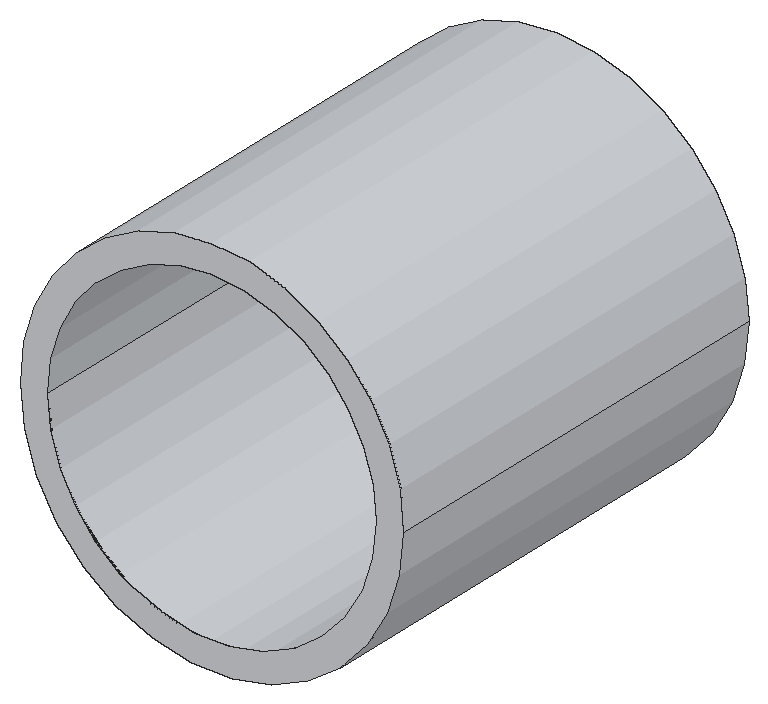
Revit family "NS2", category Generic Models, Revit 2017
Family settings
  Can host rebar = No
  Round Connector Dimension = Use Diameter
  Part Type = Normal
  Work Plane-Based = Yes
  Always vertical = No
  Cut with Voids When Loaded = No
  Shared = No
  Room Calculation Point = No
Parameters (values of type "NBS Standard Parameters")
  Weight = "0.0237Kg"
  WarrantyStartDate [instance] = "1900-12-31T23:59:59"
  WarrantyGuarantorParts = "n/a"
  WarrantyGuarantorLabor = "n/a"
  WarrantyDurationUnit = "year"
  WarrantyDurationParts = "n/a"
  WarrantyDurationLabor = "n/a"
  WarrantyDescription = "n/a"
  Version = "1"
  Uniclass2 = "Pr_65_70_11_20"
  TagNumber [instance] = "n/a"
  SustainabilityPerformance = "n/a"
  Size = "25mm"
  Shape = "Circular"
  SerialNumber [instance] = "n/a"
  Revision = "n/a"
  ReplacementCost = "n/a"
  ProductInformation = "www.metpro.co.uk/pdf/ns2.pdf"
  NominalWidth = 25 mm
  NominalLength = 25 mm
  NominalHeight = 28 mm
  Name = ""
  NBSTypeID = ""
  NBSReference = "90-55-10/460"
  NBSOfficeMasterTag = ""
  NBSNote = ""
  NBSDescription = "Conduit Fittings"
  NBSCertification = ""
  ModelReference = "NS2"
  ModelNumber = "n/a"
  Material = "Steel"
  ManufacturerURL = "www.metpro.co.uk"
  ManufacturerName = "Metpro Ltd"
  Keynote = "Compliant to LU Standard 1-085"
  InstallationDate [instance] = "1900-12-31T23:59:59"
  IfcExportType = ""
  IfcExportAs = ""
  Grade = "n/a"
  Finish = "BZP"
  Features = "n/a"
  ExpectedLife = "n/a"
  DurationUnit = "year"
  Description = "NS2   - 25mm Conduit Screwed Nipple"
  Default Elevation = 1219.2 mm
  Constituents = "n/a"
  Color = "n/a"
  CodePerformance = "n/a"
  Category = "n/a"
  BarCode [instance] = "n/a"
  BIMObjectName = "Metpro_Metprolibrary_conduitfittings_metalcomponent_steelaccessories"
  Author = "Metpro  Ltd"
  AssetType = ""
  AssetIdentifier [instance] = "n/a"
  AccessibilityPerformance = "n/a"
Reference planes
  plane 1 "Center (Front/Back)": y = 0
  plane 2: z = 0
  plane 3 "Center (Left/Right)": x = 0
Forms (mm)
  Extrusion 1, solid
    sketch origin (155.469, 900.683, 735.213) x (-1, 0, 0) y (0, 0, -1)
      loop
        circle (-8215.814, 1266.546) r 10.7
      loop
        circle (-8215.814, 1266.546) r 12.5
    from 0 to 28
Dimensions and locks
  aligned and locked: level to plane 2
